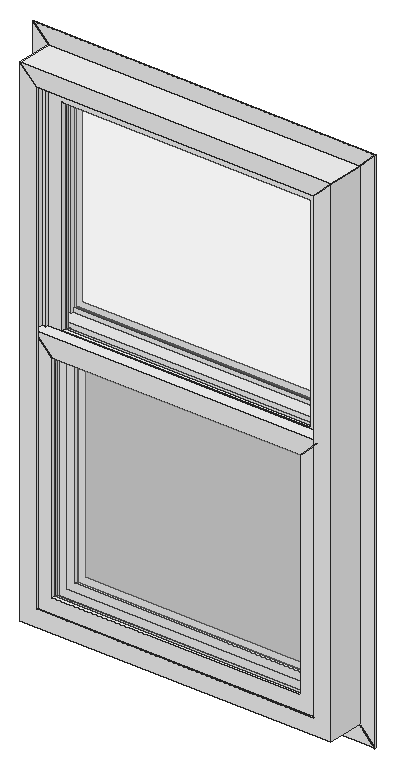
Revit family "Window_Vinyl_Atrium-SilentGuard_7100-SH", category Windows, host Wall, Revit 2026
Family settings
  Host = Wall
  Classification Number = 23.30.20.17.17.11
  Always vertical = Yes
  Cut with Voids When Loaded = No
  Shared = No
  Room Calculation Point = No
Parameters
  ventsashglasswidth [instance] = Width - (0' 2 9/16" * 2)  # 2' - 0 3/8"
  ventsashglassheight [instance] = (Height / 2) - 0' 0 1/2" - 0' 2 1/8" + 0' 0 15/32"  # 1' - 9 19/32"
  fixedsashglasswidth [instance] = Width - (0' 1 25/256" * 2)  # 2' - 3 39/128"
  fixedsashglassheight [instance] = (Height / 2) - 0' 0 1/2" - 0' 2 1/8" + 0' 0 15/32"  # 1' - 9 19/32"
  Screen Material [instance] = Metal - AtriumSG - Window Screen
  OITC [instance] = 0
  Include Screen [instance] = yes
  Grid_Surface Applied [instance] = no
  Grid_Grids Between Glass [instance] = not(Grid_Surface Applied)  # yes
  Water Penetration = "as Specified"
  Warranty Duration (Years) = 0
  VLT [instance] = 0
  URL = "http://www.silent-guard.com/"
  U-Factor [instance] = 0
  Test Data = "http://www.silent-guard.com/learning-center/"
  Standards Conformance = "as Specified"
  SpecWizard = ""
  RO Spacing_Top = 0' - 0 1/4"
  RO Spacing_Sides = 0' - 0 1/4"
  RO Spacing_Bottom = 0' - 0 1/4"
  Nailing Fin Location from Inside Edge of Frame [instance] = if(Frame Design_Finned, 0' 3 7/16", 0' 4 1/2")  # 0' - 3 7/16"
  Miami Dade Conformance = "as Specified"
  Meets Egress = "as Specified"
  Installation-Fabrication = ""
  Structural Test Pressure = "as Specified"
  Specification = ""
  Sound Transmission Class (STC) [instance] = 0
  Send Message = "http://www.arcat.com/users.pl?action=UserEmail&amp;company=Atrium+SilentGuard+Acoustical+Windows+and+Doors&amp;coid=45763&amp;rep=108&amp;fax=214-630-5010&amp;mf=95\">Send Email"
  Sales Information = "http://www.silent-guard.com/contact/"
  SHGC [instance] = 0
  Rough Width = 2' - 6"
  Rough Height = 4' - 0"
  Product Properties = ""
  Product Data = "http://www.arcat.com/arcatcos/cos9545/arc45763.html"
  Model = "as Specified"
  Manufacturer Website = "http://www.silent-guard.com/"
  Manufacturer Phone - Toll Free = "800-421-6292"
  Manufacturer Phone = "214-630-5757"
  Manufacturer Fax = "214-630-5010"
  Manufacturer Address = "9001 Ambassador Row  Dallas, TX 75247"
  Manufacturer = "Atrium Companies, Inc."
  Maintenance Schedule (Months) = 0
  Keynote = "as Specified"
  Installation Phase = ""
  Inset from Exterior Wall [instance] = 0' - 0"
  Height = Rough Height - (RO Spacing_Top + RO Spacing_Bottom)  # 3' - 11 1/2"
  Grid Count_Vent Sash_Vertical [instance] = 0
  Grid Count_Vent Sash_Horizontal [instance] = 0
  Grid Count_Fixed Sash_Vertical [instance] = 0
  Grid Count_Fixed Sash_Horizontal [instance] = 0
  Green Building-LEED = "http://www.arcat.com/green/clients95/leed_data_45763.html"
  Glazing Type [instance] = "as Specified"
  Glazing Tint [instance] = Glass - AtriumSG - Clear
  Glazing Configuration [instance] = "as Specified"
  Glass Thickness = 0' - 1"  # constant formula
  Frame Thickness = 0' - 4 1/2"  # constant formula
  Frame Finish [instance] = Vinyl - AtriumSG - White
  Frame Design_Finned [instance] = yes
  Frame Design_Finless [instance] = no
  Forced Entry Rating = "as Specified"
  Expected Lifespan (Years) = 0
  EWR [instance] = 0
  Drawn By = "Sumex Design, Inc. / Robert S. Weygant, CSI, CDT, SCIP"
  Description = "as Specified"
  Wall Closure = By host
  Width = Rough Width - (RO Spacing_Sides * 2)  # 2' - 5 1/2"
  Copyright = "©Arcat Inc."
  Construction Details = "http://www.silent-guard.com/professional/technical-data/"
  Assembly Code = "B2020100"
  Air Infiltration = "as Specified"
Reference planes (in)
  plane 1 "Center (Front/Back)": y = 0.6426
  plane 2: z = 0
  plane 3 "Center (Left/Right)": x = 0.75
  plane 4 "Left": x = -14.25
  plane 5 "Right": x = 15.75
  plane 6 "RO BOTTOM": z = 23.875
  plane 7 "Top of Frame": z = 71.625
  plane 8 "Center - Elevation": z = 47.75
  plane 9 "Frame L": x = 15.5
  plane 10 "Frame R": x = -14
  plane 11: z = 24.125
  plane 12: y = 4.7051
  plane 13: y = 0.2051
  plane 14 "EXT WALL": y = 3.6426
  plane 15 "RO TOP": z = 71.875
  plane 16: y = 3.6426
  plane 17 "INT WALL": y = -2.3574
  plane 18: y = 2.92241
  plane 19: z = 26.25
  plane 20: y = 4.42241
  plane 21: z = 70.52724
Lines and regions (in)
  Opening 1
    outline origin (-60, -2.3574, 0) x (1, 0, 0) y (0, 0, 1)
      loop
        line (45.75, 71.875) -> (45.75, 23.875) -> (75.75, 23.875) -> (75.75, 71.875) -> (45.75, 71.875)
Text (in)
  text "EXTERIOR" at (-9.91918, 45.39257, 0), in view "Plan View"
  text "INTERIOR" at (-9.91918, -57.25054, 0), in view "Plan View"
  text "Exterior" at (0, 43.65631, 123.19604), in view "Left"
  text "Exterior" at (0, 18.29385, 125.04747), in view "Right"
Dimensions and locks (in)
  equal spacing: plane 4 "Left", plane 3 "Center (Left/Right)", plane 5 "Right"
  "Width": plane 10 "Frame R" to plane 9 "Frame L"
  equal spacing: plane 7 "Top of Frame", plane 8 "Center - Elevation", plane 6 "RO BOTTOM"
  "RO Spacing_Sides": plane 5 "Right" to plane 9 "Frame L"
  "RO Spacing_Sides": plane 4 "Left" to plane 10 "Frame R"
  "Frame Thickness": plane 12 to plane 13
  "Inset from Exterior Wall": plane 16 to plane 14 "EXT WALL"
  "Nailing Fin Location from Inside Edge of Frame": plane 16 to plane 13
  "RO Spacing_Top": plane 7 "Top of Frame" to plane 15 "RO TOP"
  "RO Spacing_Bottom": plane 6 "RO BOTTOM" to plane 11
  "Height": plane 11 to plane 7 "Top of Frame"
  locked: plane 13 to plane 18 at 2.71731
  locked: plane 19 to plane 11 at 2.125
  locked: plane 13 to plane 20 at 4.21731
  locked: plane 21 to plane 7 "Top of Frame" at 1.09776
  aligned and locked: plane 6 "RO BOTTOM" to Opening 1 sketch curve  (x2)
  aligned and locked: plane 5 "Right" to Opening 1 sketch curve
  aligned and locked: plane 4 "Left" to Opening 1 sketch curve
  aligned and locked: level to plane 2
  aligned and locked: plane 1 "Center (Front/Back)" to host wall
  aligned and locked: plane 14 "EXT WALL" to host wall
  aligned and locked: Opening 1 sketch curve to plane 15 "RO TOP"
  aligned and locked: plane 17 "INT WALL" to host wall
  aligned and locked: plane 3 "Center (Left/Right)" to nested 1
  aligned and locked: plane 19 to nested 2
  aligned and locked: nested 2 to plane 18
  aligned: nested 1 to plane 13  (x2)
  aligned and locked: plane 3 "Center (Left/Right)" to nested 2
  aligned: plane 13 to nested 1  (x2)
  aligned and locked: plane 20 to nested 3
  aligned and locked: plane 13 to nested 1
  aligned and locked: plane 3 "Center (Left/Right)" to nested 3
Nested families (in)
  nested 1: "Frame_SH7000" at (0.75, 2.4551, 24.125), interior finish <- "Frame Finish", fin <- "Frame Design_Finned", sash glass thickness <- "Glass Thickness", glass finish <- "Glazing Tint", frame width <- "Width", frame height <- "Height", exterior finish <- "Frame Finish", include screen <- "Include Screen", screen material <- "Screen Material", type "Frame_SH7000"
    with window CL 1' - 11 1/4", screen material Metal - AtriumSG - Window Screen, sash glass thickness 0' - 1", interior finish Vinyl - AtriumSG - White, include screen yes, glass finish Glass - AtriumSG - Clear, frame width 2' - 5 1/2", frame height 3' - 11 1/2", fin yes, exterior finish Vinyl - AtriumSG - White
  nested 2: "Glazing Assembly" at (0.75, 3.42241, 47.84375) x (1, 0, 0) z (0, 0, -1), Glazing <- "Glazing Tint", Vertical Muntin Count <- "Grid Count_Vent Sash_Vertical", Horizontal Muntin Count <- "Grid Count_Vent Sash_Horizontal", Surface Applied <- "Grid_Surface Applied", GBG <- "Grid_Grids Between Glass", muntinside int <- "Frame Finish", Glazing Thickness <- "Glass Thickness", Width <- "ventsashglasswidth", Height <- "ventsashglassheight", muntinside ext <- "Frame Finish", type "Glazing Assembly"
    with verticalmuntinmake 2, muntinside int Vinyl - AtriumSG - White, muntinside ext Vinyl - AtriumSG - White, muntincountverti 2, muntincounthoriz 2, horizontalmuntinmake 2, Width 2' - 0 3/8", Vertical Muntin Count 0, Vert Offset 0' - 8 1/8", Surface Applied no, Single Muntin Vertical no, Single Muntin Horizontal no, Muntin Thickness 0' - 1", Multiple Muntins Vertical no, Multiple Muntins Horizontal no, Horizontal Muntin Count 0, Horiz Offset 0' - 7.19792", Height 1' - 9 19/32", Glazing Thickness 0' - 1", Glazing Glass - AtriumSG - Clear, GBG yes
  nested 3: "Glazing Assembly" at (0.75, 4.92241, 70.52724) x (1, 0, 0) z (0, 0, -1), Glazing <- "Glazing Tint", Vertical Muntin Count <- "Grid Count_Fixed Sash_Vertical", Horizontal Muntin Count <- "Grid Count_Fixed Sash_Horizontal", Surface Applied <- "Grid_Surface Applied", GBG <- "Grid_Grids Between Glass", muntinside int <- "Frame Finish", Glazing Thickness <- "Glass Thickness", Width <- "fixedsashglasswidth", Height <- "fixedsashglassheight", muntinside ext <- "Frame Finish", type "Glazing Assembly"
    with verticalmuntinmake 2, muntinside int Vinyl - AtriumSG - White, muntinside ext Vinyl - AtriumSG - White, muntincountverti 2, muntincounthoriz 2, horizontalmuntinmake 2, Width 2' - 3 39/128", Vertical Muntin Count 0, Vert Offset 0' - 9 13/128", Surface Applied no, Single Muntin Vertical no, Single Muntin Horizontal no, Muntin Thickness 0' - 1", Multiple Muntins Vertical no, Multiple Muntins Horizontal no, Horizontal Muntin Count 0, Horiz Offset 0' - 7.19792", Height 1' - 9 19/32", Glazing Thickness 0' - 1", Glazing Glass - AtriumSG - Clear, GBG yes
Definition of nested family "Frame_SH7000"
  Parameters
    window CL [instance] = (frame height / 2) - (0' 1" / 2)  # 2' - 5 1/2"
    sash glass thickness [instance] = 0' - 1"
    screen material [instance] = none
    interior finish [instance] = none
    include screen [instance] = yes
    glass finish [instance] = none
    frame width [instance] = 2' - 0"
    frame height [instance] = 5' - 0"
    frame depth = 0' - 4 1/2"
    fin [instance] = no
    exterior finish [instance] = none
    Default Elevation = 0' - 0"
    Assembly Code = ""
  Reference planes (in)
    plane 1 "Center (Front/Back)": y = 0
    plane 2: z = 0
    plane 3 "Center (Left/Right)": x = 0
    plane 4: x = -12
    plane 5: x = 12
    plane 6: z = 60
    plane 7: y = -2.25
    plane 8: y = 2.25
    plane 9: z = 30.5
    plane 10: x = -10.8125
    plane 11: x = 10.8125
  Forms (in)
    Sweep 1, solid, material <- "exterior finish"
      path origin (0, 0, 0) x (1, 0, 0) y (0, 0, 1)
        loop
          line (12, 60) -> (12, 0) -> (-12, 0) -> (-12, 60)
      profile origin (-12, 0, 30) x (-1, 0, 0) y (0, -1, 0)
        loop
          line (0, 2.25) -> (-1.5625, 2.25) -> (-1.5625, 2.125) -> (-1.1875, 2.125) -> (-1.1875, 1.125) -> (-1.5625, 1.125) -> (-1.5625, 0.91357) -> (-1.1875, 0.91357) -> (-1.1875, -0.17639) -> (-1.5625, -0.17639) -> (-1.5625, -0.40625) -> (-1.1875, -0.40625) -> (-1.1875, -1.63869) -> (-1.74878, -1.63869) -> (-1.74878, -1.96731) -> (-1.125, -1.96731) -> (-1.125, -3.09375) -> (-0.64345, -3.09375) -> (-0.25, -2.25) -> (0, -2.25) -> (0, 2.25)
    Extrusion 2, solid, material <- "exterior finish", visible <- "fin"
      sketch origin (0, -2.25, 69.25752) x (0, 0, 1) y (1, 0, 0)
        loop
          line (-9.25752, 12) -> (-7.75752, 13.5) -> (-70.75752, 13.5) -> (-69.25752, 12) -> (-9.25752, 12)
        loop
          line (-69.25752, -12) -> (-70.75752, -13.5) -> (-7.75752, -13.5) -> (-9.25752, -12) -> (-69.25752, -12)
      from 3.4375 to 3.5
    Extrusion 3, solid, material <- "exterior finish", visible <- "fin"
      sketch origin (0, -2.25, 69.25752) x (0, 0, 1) y (1, 0, 0)
        loop
          line (-7.75752, -13.5) -> (-7.75752, 13.5) -> (-9.25752, 12) -> (-9.25752, -12) -> (-7.75752, -13.5)
        loop
          line (-70.75752, -13.5) -> (-69.25752, -12) -> (-69.25752, 12) -> (-70.75752, 13.5) -> (-70.75752, -13.5)
      from 3.4375 to 3.5
    Sweep 4, solid, material <- "exterior finish"
      path origin (0, 0, 0) x (1, 0, 0) y (0, 0, 1)
        loop
          line (-12, 60) -> (12, 60)
      profile origin (0, 0, 60) x (0, 0, 1) y (0, -1, 0)
        loop
          line (0, 2.25) -> (-1.5625, 2.25) -> (-1.5625, 2.125) -> (-1.1875, 2.125) -> (-1.1875, 1.125) -> (-1.5625, 1.125) -> (-1.5625, 0.91357) -> (-1.1875, 0.91357) -> (-1.1875, -0.17639) -> (-1.5625, -0.17639) -> (-1.5625, -0.40625) -> (-1.1875, -0.40625) -> (-1.1875, -1.63869) -> (-1.74878, -1.63869) -> (-1.74878, -1.96731) -> (-1.125, -1.96731) -> (-1.125, -3.09375) -> (-0.64345, -3.09375) -> (-0.25, -2.25) -> (0, -2.25) -> (0, 2.25)
    Extrusion 5, void
      sketch origin (0, 0, 0) x (1, 0, 0) y (0, 0, 1)
        loop
          line (-12, 60) -> (-7, 55) -> (-7, 60) -> (-12, 60)
        loop
          line (12, 60) -> (7, 60) -> (7, 55) -> (12, 60)
      from -4 to 2.25
    Extrusion 6, void
      sketch origin (0, 0, 0) x (1, 0, 0) y (0, 0, 1)
        loop
          line (-12, 60) -> (-12, 55) -> (-7, 55) -> (-12, 60)
        loop
          line (12, 60) -> (7, 55) -> (12, 55) -> (12, 60)
      from -4 to 2.25
    Extrusion 7, solid, material <- "glass finish"
      sketch origin (0, -2.25, 69.25752) x (0, 0, 1) y (1, 0, 0)
        loop
          line (-39.03877, -9.6875) -> (-39.03877, 9.6875) -> (-67.38252, 9.6875) -> (-67.38252, -9.6875) -> (-39.03877, -9.6875)
      from 0.38782 to 0.63782
    Extrusion 8, solid, material <- "exterior finish"
      sketch origin (0, 0, 0) x (0, 1, 0) y (0, 0, 1)
        loop
          line (3.09375, 31.09375) -> (2.96731, 31.09375) -> (2.96731, 31.05849) -> (1.96731, 31.05849) -> (1.96731, 31.71875) -> (1.84231, 31.71875) -> (1.84231, 31.09375) -> (1.59231, 31.09375) -> (1.59231, 30) -> (1.65481, 30) -> (1.65481, 29.78125) -> (1.84375, 29.78125) -> (1.84375, 29.46875) -> (2.53125, 29.46875) -> (2.53125, 29.78125) -> (2.96875, 29.78125)
          arc (2.96875, 29.78125) -> (3.05714, 29.81786) -> (3.09375, 29.90625) r 0.125
          line (3.09375, 29.90625) -> (3.09375, 31.09375)
      from -12 to 12
    Extrusion 9, solid, material <- "interior finish"
      sketch origin (0, 0, 0) x (0, 1, 0) y (0, 0, 1)
        loop
          line (1.84231, 31.34375) -> (0.40625, 31.34375) -> (0.40625, 30.09375) -> (0.28115, 30.09375) -> (0.28115, 29.34375) -> (0.46731, 29.34375) -> (0.46731, 29.96875) -> (1.46731, 29.96875) -> (1.46731, 29.34375)
          arc (1.46731, 29.34375) -> (1.56544, 29.66509) -> (1.59231, 30) r 1.55612
          line (1.59231, 30) -> (1.59231, 31.09375) -> (1.84231, 31.09375) -> (1.84231, 31.34375)
        loop
          line (-0.91357, 31.34375) -> (-2.125, 31.34375) -> (-2.125, 29.59375) -> (-1.86218, 29.59375) -> (-1.86218, 30.21875) -> (-1.61218, 30.21875) -> (-1.61218, 29.59375)
          arc (-1.61218, 29.59375) -> (-1.32288, 29.78934) -> (-1.125, 30.07707) r 0.93953
          line (-1.125, 30.07707) -> (-1.125, 31.22644) -> (-0.91357, 31.22644) -> (-0.91357, 31.34375)
      from -10.8125 to 10.8125
    Extrusion 10, void
      sketch origin (0, 0, 0) x (1, 0, 0) y (0, 1, 0)
        loop
          line (-12, 3.09375) -> (-12, 1.25) -> (-10.25122, 1.25) -> (-10.25122, 1.96731) -> (-10.90224, 1.96731) -> (-10.90224, 3.09375) -> (-12, 3.09375)
        loop
          line (12, 3.09375) -> (10.90224, 3.09375) -> (10.90224, 1.96731) -> (10.25122, 1.96731) -> (10.25122, 1.25) -> (12, 1.25) -> (12, 3.09375)
      from 0 to 60
    Sweep 11, solid, material <- "interior finish"
      path origin (0, 0, 0) x (1, 0, 0) y (0, 0, 1)
        loop
          line (-10.90224, 58.90224) -> (-10.90224, 31.09375) -> (10.90224, 31.09375) -> (10.90224, 58.90224) -> (-10.90224, 58.90224)
      profile origin (0, 0, 58.90224) x (0, 0, 1) y (0, -1, 0)
        loop
          line (-0.02724, -2.96731) -> (-0.625, -2.96731)
          arc (-0.625, -2.96731) -> (-0.33273, -3.06179) -> (-0.02724, -3.09375) r 1.47621
          line (-0.02724, -3.09375) -> (-0.02724, -2.96731)
    Sweep 12, solid, material <- "interior finish"
      path origin (0, 0, 0) x (1, 0, 0) y (0, 0, 1)
        loop
          line (-10.8125, 31.34375) -> (-10.8125, 1.1875) -> (10.8125, 1.1875) -> (10.8125, 31.34375)
      profile origin (-10.8125, 0, 16.26563) x (0, -1, 0) y (1, 0, 0)
        loop
          line (1.125, 0) -> (2.125, 0) -> (2.125, 1.75) -> (1.86218, 1.75) -> (1.86218, 1.125) -> (1.61218, 1.125) -> (1.61218, 1.75)
          arc (1.61218, 1.75) -> (1.32288, 1.55441) -> (1.125, 1.26668) r 0.93953
          line (1.125, 1.26668) -> (1.125, 0)
        loop
          line (-1.59231, 0) -> (-0.40625, 0) -> (-0.40625, 1.25) -> (-0.28115, 1.25) -> (-0.28115, 2) -> (-0.46731, 2) -> (-0.46731, 1.375) -> (-1.46731, 1.375) -> (-1.46731, 2)
          arc (-1.46731, 2) -> (-1.56544, 1.67866) -> (-1.59231, 1.34375) r 1.55612
          line (-1.59231, 1.34375) -> (-1.59231, 0)
    Extrusion 13, void
      sketch origin (0, 0, 0) x (1, 0, 0) y (0, 0, 1)
        loop
          line (-10.8125, 31.34375) -> (-10.8125, 28.94805) -> (-8.4168, 28.94805) -> (-10.8125, 31.34375)
        loop
          line (10.8125, 31.34375) -> (8.4168, 28.94805) -> (10.8125, 28.94805) -> (10.8125, 31.34375)
      from -1.84231 to 2.25
    Extrusion 14, void
      sketch origin (0, 0, 0) x (1, 0, 0) y (0, 0, 1)
        loop
          line (10.8125, 31.34375) -> (8.5144, 31.34375) -> (8.5144, 29.04565) -> (10.8125, 31.34375)
        loop
          line (-10.8125, 31.34375) -> (-8.5144, 29.04565) -> (-8.5144, 31.34375) -> (-10.8125, 31.34375)
      from -1.84231 to 2.25
    Sweep 15, solid, material <- "interior finish"
      path origin (0, 0, 0) x (1, 0, 0) y (0, 0, 1)
        loop
          line (-10.8125, 29.59375) -> (-10.8125, 58.8125) -> (10.8125, 58.8125) -> (10.8125, 29.59375)
      profile origin (-10.8125, 0, 44.20313) x (-1, 0, 0) y (0, -1, 0)
        loop
          line (0, -0.17639) -> (0, 0.91357) -> (-1.75, 0.91357) -> (-1.75, 0.54968) -> (-1.125, 0.54968) -> (-1.125, 0.31191) -> (-1.75, 0.31191)
          arc (-1.75, 0.31191) -> (-1.50399, -0.01735) -> (-1.125, -0.17639) r 0.78205
          line (-1.125, -0.17639) -> (0, -0.17639)
    Extrusion 16, solid, material <- "interior finish"
      sketch origin (0, 0, 0) x (0, 1, 0) y (0, 0, 1)
        loop
          line (0.17639, 29.59375) -> (0.17639, 30.71875)
          arc (0.17639, 30.71875) -> (0.01735, 31.09774) -> (-0.31191, 31.34375) r 0.78205
          line (-0.31191, 31.34375) -> (-0.31191, 30.71875) -> (-0.54968, 30.71875) -> (-0.54968, 31.34375) -> (-0.91357, 31.34375) -> (-0.91357, 31.22644) -> (-1.125, 31.22644) -> (-1.125, 30.22644) -> (-1.0625, 30.22644) -> (-1.0625, 29.59375) -> (0.17639, 29.59375)
      from -10.8125 to 10.8125
    Extrusion 17, solid, material <- "glass finish"
      sketch origin (0, -2.25, 69.25752) x (0, 0, 1) y (1, 0, 0)
        loop
          line (-11.57002, -9.6875) -> (-11.57002, 9.6875) -> (-38.53877, 9.6875) -> (-38.53877, -9.6875) -> (-11.57002, -9.6875)
      from 1.70032 to 1.93809
    Extrusion 18, solid, material <- "interior finish", visible <- "include screen"
      sketch origin (0, 0, 0) x (1, 0, 0) y (0, 0, 1)
        loop
          line (10.875, 29.46875) -> (-10.875, 29.46875) -> (-10.875, 1.125) -> (10.875, 1.125) -> (10.875, 29.46875)
        loop
          line (10.125, 28.71875) -> (-10.125, 28.71875) -> (-10.125, 1.875) -> (10.125, 1.875) -> (10.125, 28.71875)
      from -2.38729 to -1.96731
    Extrusion 19, solid, material <- "screen material", visible <- "include screen"
      sketch origin (0, 0, 0) x (1, 0, 0) y (0, 0, 1)
        loop
          line (10.15224, 28.71875) -> (-10.15224, 28.71875) -> (-10.15224, 1.84776) -> (10.15224, 1.84776) -> (10.15224, 28.71875)
      from -2.35802 to -2.30933
  Cuts and joins
    Extrusion 5 cuts Sweep 1
    Extrusion 6 cuts Sweep 4
    Extrusion 13 cuts Extrusion 9
    Extrusion 14 cuts Sweep 12
    joined: Sweep 15, Extrusion 16
    Extrusion 10 cuts Extrusion 8
  Dimensions and locks (in)
    equal spacing: plane 4, plane 3 "Center (Left/Right)", plane 5
    "frame width": plane 4 to plane 5
    "frame height": plane 6 to level
    equal spacing: plane 7, plane 1 "Center (Front/Back)", plane 8
    "frame depth": plane 7 to plane 8
    locked: Extrusion 2 sketch curve to plane 5 at 1.5
    locked: plane 4 to Extrusion 2 sketch curve at 1.5
    locked: Extrusion 2 sketch curve to plane 6 at 1.5  (x2)
    locked: plane 4 to Extrusion 3 sketch curve at 1.5  (x2)
    locked: Extrusion 3 sketch curve to plane 5 at 1.5  (x2)
    locked: Extrusion 3 sketch curve to plane 6 at 1.5
    locked: Extrusion 5 sketch curve to plane 4 at 5
    locked: plane 6 to Extrusion 5 sketch curve at 5  (x2)
    locked: plane 5 to Extrusion 5 sketch curve at 5
    locked: plane 6 to Extrusion 6 sketch curve at 5  (x2)
    locked: plane 5 to Extrusion 6 sketch curve at 5
    locked: Extrusion 6 sketch curve to plane 4 at 5
    locked: Extrusion 7 sketch curve to plane 4 at 2.3125
    locked: plane 5 to Extrusion 7 sketch curve at 2.3125
    locked: Extrusion 7 sketch curve to level at 1.875
    plane 9 to Extrusion 8 sketch curve to Extrusion 8 sketch curve to Extrusion 8 sketch curve = 0' - 0 1/2" locked, 0' - 0 7/32" locked, 0' - 0 5/16" locked
    plane 9 to Extrusion 8 sketch curve to Extrusion 8 sketch curve = 0' - 0 19/32" locked, 0' - 0 1/8" locked
    Extrusion 8 sketch curve to Extrusion 8 sketch curve to plane 9 = 0' - 0 5/8" locked, 0' - 0 19/32" locked
    Extrusion 9 sketch curve to Extrusion 9 sketch curve to plane 9 = 0' - 0 1/4" locked, 0' - 0 19/32" locked
    plane 9 to Extrusion 9 sketch curve to Extrusion 9 sketch curve = 0' - 0 13/32" locked, 0' - 0 3/4" locked
    plane 9 to Extrusion 9 sketch curve to Extrusion 9 sketch curve = 0' - 0 17/32" locked, 0' - 0 5/8" locked
    locked: plane 11 to plane 5 at 1.1875
    locked: plane 4 to plane 10 at 1.1875
    locked: plane 6 to Sweep 11 sketch curve at 1.09776
    locked: Sweep 11 sketch curve to plane 9 at 0.59375
    locked: plane 5 to Sweep 11 sketch curve at 1.09776
    locked: Sweep 11 sketch curve to plane 4 at 1.09776
    locked: Sweep 12 sketch curve to plane 9 at 0.84375  (x2)
    locked: plane 9 to Extrusion 7 sketch curve at 0.28125
    Extrusion 13 sketch curve to plane 9 to Extrusion 13 sketch curve = 0' - 0 27/32" locked, 0' - 1.55195" locked  (x2)
    locked: plane 11 to Extrusion 13 sketch curve at 2.3957
    locked: Extrusion 13 sketch curve to plane 10 at 2.3957
    Extrusion 14 sketch curve to plane 10 to Extrusion 14 sketch curve = 0' - 2.2981" locked, 0' - 0" locked
    plane 11 to Extrusion 14 sketch curve to Extrusion 14 sketch curve = 0' - 0" locked, 0' - 2.2981" locked
    Extrusion 14 sketch curve to plane 9 to Extrusion 14 sketch curve = 0' - 0 27/32" locked, 0' - 1.45435" locked  (x2)
    locked: plane 6 to Sweep 15 sketch curve at 1.1875
    locked: plane 9 to Sweep 15 sketch curve at 0.90625  (x2)
    plane 9 to Extrusion 16 sketch curve to Extrusion 16 sketch curve to Extrusion 16 sketch curve = 0' - 0 7/32" locked, 0' - 0.50769" locked, 0' - 0.11731" locked
    plane 9 to Extrusion 16 sketch curve to Extrusion 16 sketch curve = 0' - 0.27356" locked, 0' - 0.63269" locked
    Extrusion 16 sketch curve to Extrusion 16 sketch curve to plane 9 = 0' - 0 5/8" locked, 0' - 0 7/32" locked
    locked: Extrusion 17 sketch curve to plane 4 at 2.3125
    locked: plane 5 to Extrusion 17 sketch curve at 2.3125
    locked: plane 6 to Extrusion 17 sketch curve at 2.3125
    locked: Extrusion 17 sketch curve to plane 9 at 0.21875
    locked: plane 9 to Extrusion 18 sketch curve at 1.03125
    locked: Extrusion 18 sketch curve to level at 1.125
    locked: Extrusion 18 sketch curve to Extrusion 18 sketch curve at 0.75  (x4)
    locked: plane 5 to Extrusion 18 sketch curve at 1.125
    locked: Extrusion 18 sketch curve to plane 4 at 1.125
    locked: plane 5 to Extrusion 19 sketch curve at 1.84776
    locked: Extrusion 19 sketch curve to level at 1.84776
    locked: Extrusion 19 sketch curve to plane 4 at 1.84776
    locked: plane 9 to Extrusion 19 sketch curve at 1.78125
    locked: plane 4 to Extrusion 10 sketch curve at 1.09776
    Extrusion 10 sketch curve to Extrusion 10 sketch curve to plane 5 = 0' - 0.65102" locked, 0' - 1.09776" locked
    locked: plane 4 to Extrusion 10 sketch curve at 1.74878
    "window CL": plane 6 to plane 9
    locked: Extrusion 8 sketch curve to plane 9 at 0.55849
    locked: Extrusion 8 sketch curve to plane 9 at 0.59375
    locked: level to Extrusion 3 sketch curve at 1.5
    locked: level to Extrusion 2 sketch curve at 1.5  (x2)
    Sweep 12 sketch curve to level = 0' - 1 3/16"
    aligned and locked: plane 2 to level
    aligned and locked: plane 6 to Sweep 1 sketch curve  (x2)
    aligned and locked: plane 4 to Sweep 1 sketch curve
    aligned and locked: Extrusion 2 sketch curve to plane 5
    aligned and locked: plane 4 to Extrusion 2 sketch curve
    aligned and locked: plane 6 to Extrusion 2 sketch curve  (x2)
    aligned and locked: plane 5 to Extrusion 3 sketch curve
    aligned and locked: plane 6 to Extrusion 3 sketch curve
    aligned and locked: plane 4 to Extrusion 3 sketch curve
    aligned and locked: Sweep 4 sketch curve to plane 6
    aligned and locked: plane 5 to Sweep 4 sketch curve
    aligned and locked: plane 4 to Sweep 4 sketch curve
    aligned and locked: Extrusion 5 sketch curve to plane 6
    aligned and locked: plane 6 to Extrusion 5 sketch curve
    aligned: plane 8 to Extrusion 5
    aligned and locked: Extrusion 5 to plane 7
    aligned and locked: Extrusion 6 sketch curve to plane 4
    aligned and locked: Extrusion 6 sketch curve to plane 5
    aligned and locked: Extrusion 6 to plane 7
    aligned and locked: plane 5 to Sweep 1 sketch curve
    aligned and locked: Sweep 1 sketch curve to level
    aligned and locked: Extrusion 8 to plane 4
    aligned and locked: plane 5 to Extrusion 8
    aligned and locked: plane 6 to Extrusion 10
    aligned and locked: plane 11 to Extrusion 9
    aligned and locked: Extrusion 9 to plane 10
    aligned and locked: plane 11 to Sweep 12 sketch curve
    aligned and locked: Sweep 12 sketch curve to plane 10
    aligned and locked: plane 10 to Extrusion 13 sketch curve
    aligned and locked: plane 11 to Extrusion 13 sketch curve
    aligned and locked: Extrusion 13 to plane 7
    aligned and locked: Extrusion 14 to plane 7
    aligned and locked: Extrusion 16 to plane 10
    aligned and locked: plane 11 to Extrusion 16
    aligned and locked: Sweep 15 sketch curve to plane 11
  Automatic sketch dimensions
    Extrusion 5 sketch curve to plane 4 = 0' - 0"
    Extrusion 5 sketch curve to plane 5 = 0' - 0"
    Extrusion 6 sketch curve to plane 6 = 0' - 0"  (x2)
    plane 7 to Extrusion 9 sketch curve = 0' - 0 1/8"
    Extrusion 9 sketch curve to plane 9 = 0' - 0.04368"
    plane 7 to Extrusion 9 sketch curve = 0' - 0.26542"
    Extrusion 9 sketch curve to Extrusion 9 sketch curve = 0' - 0.26282"
    Extrusion 9 sketch curve to Extrusion 9 sketch curve = 0' - 0 1/4"  (x2)
    Extrusion 9 sketch curve to Extrusion 9 sketch curve = 0' - 1"
    Extrusion 9 sketch curve to Extrusion 9 sketch curve = 0' - 0.21143"
    Extrusion 9 sketch curve to plane 1 "Center (Front/Back)" = 0' - 0.0368"
    Extrusion 9 sketch curve to Extrusion 9 sketch curve = 0' - 0.24435"
    Extrusion 9 sketch curve to Extrusion 9 sketch curve = 0' - 0.1251"
    Extrusion 9 sketch curve to Extrusion 9 sketch curve = 0' - 0.18616"
    Extrusion 9 sketch curve to plane 8 = 0' - 0.78269"
    Extrusion 9 sketch curve to Extrusion 9 sketch curve = 0' - 0 1/8"
    Extrusion 9 sketch curve to Extrusion 9 sketch curve = 0' - 0.86257"
    Extrusion 9 sketch curve to Extrusion 9 sketch curve = 0' - 0"
    Extrusion 9 sketch curve to Extrusion 9 sketch curve = 0' - 0.13749"
    Extrusion 9 sketch curve to plane 9 = 0' - 0 9/32"
    plane 9 to Extrusion 9 sketch curve = 0' - 0.72644"
    Extrusion 9 sketch curve to Extrusion 9 sketch curve = 0' - 0.11731"
    Sweep 12 sketch curve to profile plane = 0' - 0"  (x2)
    Sweep 12 sketch curve to plane 1 "Center (Front/Back)" = 0' - 1.59231"
    Sweep 12 sketch curve to Sweep 12 sketch curve = 0' - 0 1/8"  (x2)
    Sweep 12 sketch curve to plane 1 "Center (Front/Back)" = 0' - 0.46731"
    Sweep 12 sketch curve to plane 1 "Center (Front/Back)" = 0' - 0 13/32"
    Sweep 12 sketch curve to Sweep 12 sketch curve = 0' - 0.1251"
    Sweep 12 sketch curve to plane 1 "Center (Front/Back)" = 0' - 0.0368"
    plane 1 "Center (Front/Back)" to Sweep 12 sketch curve = 0' - 1 1/8"
    Sweep 12 sketch curve to Sweep 12 sketch curve = 0' - 0.48718"
    Sweep 12 sketch curve to Sweep 12 sketch curve = 0' - 0 1/4"
    Sweep 12 sketch curve to Sweep 12 sketch curve = 0' - 0.1224"
    Sweep 12 sketch curve to Sweep 12 sketch curve = 0' - 0.14042"
    Sweep 12 sketch curve to profile plane = 0' - 0.88743"
    Sweep 12 sketch curve to Sweep 12 sketch curve = 0' - 0.23757"
    Sweep 12 sketch curve to Sweep 12 sketch curve = 0' - 1 1/4"
    Sweep 12 sketch curve to Sweep 12 sketch curve = 0' - 0.14168"
    Sweep 12 sketch curve to Sweep 12 sketch curve = 0' - 0 3/32"
    Sweep 12 sketch curve to Sweep 12 sketch curve = 0' - 0.13749"
    Sweep 12 sketch curve to Sweep 12 sketch curve = 0' - 0"
    Sweep 12 sketch curve to Sweep 12 sketch curve = 0' - 0 5/8"
    plane 1 "Center (Front/Back)" to Extrusion 16 sketch curve = 0' - 1 1/8"
    Extrusion 16 sketch curve to Extrusion 16 sketch curve = 0' - 0 1/16"
    Extrusion 16 sketch curve to Extrusion 16 sketch curve = 0' - 0.21143"
    plane 9 to Extrusion 16 sketch curve = 0' - 0.11626"
    plane 1 "Center (Front/Back)" to Extrusion 16 sketch curve = 0' - 0.59892"
    Extrusion 16 sketch curve to Extrusion 16 sketch curve = 0' - 0.36389"
    Extrusion 16 sketch curve to Extrusion 16 sketch curve = 0' - 0.23776"
    Sweep 15 sketch curve to profile plane = 0' - 0"
    profile plane to Sweep 15 sketch curve = 0' - 1.02251"
    Sweep 15 sketch curve to plane 1 "Center (Front/Back)" = 0' - 0.17639"
    Sweep 15 sketch curve to Sweep 15 sketch curve = 0' - 0.10249"  (x2)
    Sweep 15 sketch curve to Sweep 15 sketch curve = 0' - 0 5/8"
    Sweep 15 sketch curve to Sweep 15 sketch curve = 0' - 0"
    plane 1 "Center (Front/Back)" to Sweep 15 sketch curve = 0' - 0.31191"
    Sweep 15 sketch curve to Sweep 15 sketch curve = 0' - 0.04924"
    plane 1 "Center (Front/Back)" to Sweep 15 sketch curve = 0' - 0.91357"
    Sweep 15 sketch curve to plane 10 = 0' - 0"
    Extrusion 8 sketch curve to plane 8 = 0' - 0.65769"
    Extrusion 8 sketch curve to Extrusion 8 sketch curve = 0' - 0 1/16"
    Extrusion 8 sketch curve to Extrusion 8 sketch curve = 0' - 0 1/4"
    Extrusion 8 sketch curve to Extrusion 8 sketch curve = 0' - 0.18894"
    Extrusion 8 sketch curve to Extrusion 8 sketch curve = 0' - 0 1/8"
    plane 8 to Extrusion 8 sketch curve = 0' - 0 9/32"
    Extrusion 8 sketch curve to Extrusion 8 sketch curve = 0' - 0 7/16"
    Extrusion 8 sketch curve to Extrusion 8 sketch curve = 0' - 0.12644"
    Extrusion 3 sketch curve to plane 5 = 0' - 0"
    Extrusion 3 sketch curve to plane 4 = 0' - 0"
    level to Extrusion 3 sketch curve = 0' - 0"
    Extrusion 2 sketch curve to level = 0' - 0"  (x2)
    Extrusion 10 sketch curve to plane 4 = 0' - 0"
    Extrusion 10 sketch curve to plane 5 = 0' - 0"
    Extrusion 10 sketch curve to plane 8 = 0' - 1"  (x2)
    Extrusion 10 sketch curve to plane 8 = 0' - 0.28269"  (x2)
    plane 8 to Extrusion 10 sketch curve = 0' - 0 27/32"  (x2)
    Sweep 1 sketch curve to profile plane = 0' - 0"
    Sweep 1 sketch curve to Sweep 1 sketch curve = 0' - 0 1/4"
    profile plane to Sweep 1 sketch curve = 0' - 0.64345"
    Sweep 1 sketch curve to Sweep 1 sketch curve = 0' - 0.48155"
    profile plane to Sweep 1 sketch curve = 0' - 1 3/16"
    Sweep 1 sketch curve to Sweep 1 sketch curve = 0' - 0"
    Sweep 1 sketch curve to Sweep 1 sketch curve = 0' - 0 3/8"  (x4)
    Sweep 1 sketch curve to Sweep 1 sketch curve = 0' - 0.56128"
    Sweep 1 sketch curve to plane 1 "Center (Front/Back)" = 0' - 3 3/32"
    Sweep 1 sketch curve to Sweep 1 sketch curve = 0' - 1.12644"
    Sweep 1 sketch curve to plane 1 "Center (Front/Back)" = 0' - 0 13/32"
    Sweep 1 sketch curve to plane 1 "Center (Front/Back)" = 0' - 0.17639"
    plane 1 "Center (Front/Back)" to Sweep 1 sketch curve = 0' - 0.91357"
    Sweep 1 sketch curve to Sweep 1 sketch curve = 0' - 0.21143"
    Sweep 1 sketch curve to Sweep 1 sketch curve = 0' - 1"
    Sweep 1 sketch curve to Sweep 1 sketch curve = 0' - 0 1/8"
    Sweep 1 sketch curve to Sweep 1 sketch curve = 0' - 0 27/32"
    Sweep 1 sketch curve to Sweep 1 sketch curve = 0' - 0.32862"
    profile plane to Sweep 11 sketch curve = 0' - 0 5/8"
    profile plane to Sweep 11 sketch curve = 0' - 0.02724"
    Sweep 11 sketch curve to plane 1 "Center (Front/Back)" = 0' - 3 3/32"
    Sweep 11 sketch curve to Sweep 11 sketch curve = 0' - 0.12644"
    profile plane to Sweep 4 sketch curve = 0' - 0"
    profile plane to Sweep 4 sketch curve = 0' - 0 1/4"
    profile plane to Sweep 4 sketch curve = 0' - 0.64345"
    Sweep 4 sketch curve to Sweep 4 sketch curve = 0' - 0.48155"
    Sweep 4 sketch curve to Sweep 4 sketch curve = 0' - 0 1/16"
    profile plane to Sweep 4 sketch curve = 0' - 1 3/16"
    Sweep 4 sketch curve to Sweep 4 sketch curve = 0' - 0"
    Sweep 4 sketch curve to Sweep 4 sketch curve = 0' - 0 3/8"  (x3)
    Sweep 4 sketch curve to Sweep 4 sketch curve = 0' - 0.56128"
    Sweep 4 sketch curve to plane 1 "Center (Front/Back)" = 0' - 3 3/32"
    Sweep 4 sketch curve to Sweep 4 sketch curve = 0' - 0 27/32"
    Sweep 4 sketch curve to Sweep 4 sketch curve = 0' - 1.12644"
    Sweep 4 sketch curve to Sweep 4 sketch curve = 0' - 0.32862"
    Sweep 4 sketch curve to plane 1 "Center (Front/Back)" = 0' - 0 13/32"
    Sweep 4 sketch curve to plane 1 "Center (Front/Back)" = 0' - 0.17639"
    plane 1 "Center (Front/Back)" to Sweep 4 sketch curve = 0' - 0.91357"
    Sweep 4 sketch curve to Sweep 4 sketch curve = 0' - 0.21143"
    Sweep 4 sketch curve to Sweep 4 sketch curve = 0' - 1"
    Sweep 4 sketch curve to Sweep 4 sketch curve = 0' - 0 1/8"
Definition of nested family "Glazing Assembly"
  Parameters
    verticalmuntinmake [instance] = muntincountverti  # 2
    muntinside int [instance] = none
    muntincounthoriz [instance] = if(Horizontal Muntin Count < 2, 2, Horizontal Muntin Count)  # 2
    muntincountverti [instance] = if(Vertical Muntin Count < 2, 2, Vertical Muntin Count)  # 2
    horizontalmuntinmake [instance] = muntincounthoriz  # 2
    Width [instance] = 2' - 0"
    Vertical Muntin Count [instance] = 2
    Vert Offset [instance] = Width / (verticalmuntinmake + 1)  # 0' - 8"
    Surface Applied [instance] = no
    GBG [instance] = yes
    Single Muntin Vertical [instance] = Vertical Muntin Count = 1  # no
    Single Muntin Horizontal [instance] = Horizontal Muntin Count = 1  # no
    Muntin Thickness [instance] = 0' - 0 1/2"
    muntinside ext [instance] = none
    Multiple Muntins Vertical [instance] = Vertical Muntin Count > 1  # yes
    Multiple Muntins Horizontal [instance] = Horizontal Muntin Count > 1  # yes
    Horizontal Muntin Count [instance] = 2
    Horiz Offset [instance] = Height / (horizontalmuntinmake + 1)  # 0' - 8"
    Height [instance] = 2' - 0"
    Glazing Thickness [instance] = 0' - 1"
    Glazing [instance] = none
    Default Elevation = 4' - 0"
    Assembly Code = ""
  Reference planes (in)
    plane 1 "Center (Front/Back)": y = 0
    plane 2: z = 0
    plane 3 "Center (Left/Right)": x = 0
    plane 4: z = 24
    plane 5: x = 12
    plane 6: x = -12
    plane 7: y = -0.875
    plane 8: y = 0.875
    plane 9: y = 0.5
    plane 10: y = -0.5
    plane 11: z = 12
    plane 12: x = -4
    plane 13: x = 4
    plane 14: z = 16
    plane 15: z = 8
    plane 16: z = 20.90323
    plane 17: z = 3.09677
    plane 18: x = -8.90323
    plane 19: x = 8.90323
    plane 20: y = 0.625
    plane 21: y = -0.625
  Forms (in)
    Extrusion 1, solid, material <- "Glazing"
      sketch origin (0, 0, 0) x (1, 0, 0) y (0, 0, 1)
        loop
          line (-12, 24) -> (-12, 0) -> (12, 0) -> (12, 24) -> (-12, 24)
      from -0.5 to 0.5
  Dimensions and locks (in)
    equal spacing: plane 5, plane 3 "Center (Left/Right)", plane 6
    "Width": plane 5 to plane 6
    "Height": plane 4 to level
    equal spacing: plane 7, plane 1 "Center (Front/Back)", plane 8
    plane 7 to plane 8 = 0' - 1 3/4"
    equal spacing: plane 10, plane 1 "Center (Front/Back)", plane 9
    "Glazing Thickness": plane 10 to plane 9
    equal spacing: plane 4, plane 11, level
    "Vert Offset": plane 12 to plane 6
    "Vert Offset": plane 5 to plane 13
    group 1 to group 2 = 0' - 8"
    group 1 to group 2 = 0' - 0"  (x2)
    "Horiz Offset": plane 15 to plane 2
    group 3 to group 4 = 0' - 0"  (x2)
    group 4 to group 3 = 0' - 8"
    "Horiz Offset": plane 4 to plane 14
    plane 4 to plane 16 = 0' - 3.09677"
    plane 17 to level = 0' - 3.09677"
    plane 18 to plane 6 = 0' - 3.09677"
    plane 5 to plane 19 = 0' - 3.09677"
    locked: plane 21 to plane 10 at 0.125
    locked: plane 9 to plane 20 at 0.125
    aligned and locked: Extrusion 1 to plane 9
    aligned and locked: plane 10 to Extrusion 1
    aligned and locked: nested 1 to plane 11
    aligned and locked: plane 3 "Center (Left/Right)" to nested 1
    aligned and locked: plane 4 to nested 2
    aligned and locked: plane 12 to nested 3
    aligned and locked: plane 4 to nested 3
    aligned and locked: plane 13 to nested 4
    aligned and locked: plane 4 to nested 4
    aligned and locked: nested 4 to plane 10
    aligned and locked: nested 3 to plane 10
    aligned and locked: nested 5 to plane 14
    aligned and locked: nested 6 to plane 15
    aligned and locked: plane 5 to nested 5
    aligned and locked: plane 6 to nested 5
    aligned and locked: plane 5 to nested 6
    aligned and locked: plane 6 to nested 6
    aligned and locked: nested 1 to plane 10
    aligned and locked: nested 2 to plane 10
    aligned and locked: nested 5 to Extrusion 1
    aligned and locked: nested 6 to plane 10
    aligned and locked: plane 4 to Extrusion 1
    aligned and locked: plane 5 to Extrusion 1
    aligned and locked: Extrusion 1 to level
    aligned and locked: Extrusion 1 to plane 6
  Automatic sketch dimensions
    Extrusion 1 sketch curve to level = 0' - 0"
    Extrusion 1 sketch curve to plane 6 = 0' - 0"
    Extrusion 1 sketch curve to plane 5 = 0' - 0"
    Extrusion 1 sketch curve to plane 4 = 0' - 0"
  Nested families (in)
    nested 1: "Muntin" at (0, -0.5, 12) x (1, 0, 0) z (0, -1, 0), visible <- "Single Muntin Horizontal", muntin width <- "Muntin Thickness", Length <- "Width", surface visibility <- "Surface Applied", gbg visibility <- "GBG", int muntin <- "muntinside int", ext muntin <- "muntinside ext", glass thickness <- "Glazing Thickness", type "Regular"
      with surface visibility no, muntin width 0' - 0 1/2", int muntin none, glass thickness 0' - 1", gbg visibility yes, ext muntin none, Length 2' - 0"
    nested 2: "Muntin" at (0, -0.5, 12) x (0, 0, 1) z (0, -1, 0), visible <- "Single Muntin Vertical", muntin width <- "Muntin Thickness", Length <- "Height", surface visibility <- "Surface Applied", gbg visibility <- "GBG", int muntin <- "muntinside int", ext muntin <- "muntinside ext", glass thickness <- "Glazing Thickness", type "Thicker"
      with surface visibility no, muntin width 0' - 0 1/2", int muntin none, glass thickness 0' - 1", gbg visibility yes, ext muntin none, Length 2' - 0", muntin depth 0' - 0 1/8", center muntin thickness 0' - 0 1/4"
    nested 3: "Muntin" at (-4, -0.5, 12) x (0, 0, 1) z (0, -1, 0), muntin width <- "Muntin Thickness", Length <- "Height", visible <- "Multiple Muntins Vertical", surface visibility <- "Surface Applied", gbg visibility <- "GBG", int muntin <- "muntinside int", ext muntin <- "muntinside ext", glass thickness <- "Glazing Thickness", type "Thicker"
      with surface visibility no, muntin width 0' - 0 1/2", int muntin none, glass thickness 0' - 1", gbg visibility yes, ext muntin none, Length 2' - 0", muntin depth 0' - 0 1/8", center muntin thickness 0' - 0 1/4"
    nested 4: "Muntin" at (4, -0.5, 12) x (0, 0, 1) z (0, -1, 0), muntin width <- "Muntin Thickness", Length <- "Height", visible <- "Multiple Muntins Vertical", surface visibility <- "Surface Applied", gbg visibility <- "GBG", int muntin <- "muntinside int", ext muntin <- "muntinside ext", glass thickness <- "Glazing Thickness", type "Thicker"
      with surface visibility no, muntin width 0' - 0 1/2", int muntin none, glass thickness 0' - 1", gbg visibility yes, ext muntin none, Length 2' - 0", muntin depth 0' - 0 1/8", center muntin thickness 0' - 0 1/4"
    nested 5: "Muntin" at (0, -0.5, 16) x (1, 0, 0) z (0, -1, 0), visible <- "Multiple Muntins Horizontal", muntin width <- "Muntin Thickness", Length <- "Width", surface visibility <- "Surface Applied", gbg visibility <- "GBG", int muntin <- "muntinside int", ext muntin <- "muntinside ext", glass thickness <- "Glazing Thickness", type "Regular"
      with surface visibility no, muntin width 0' - 0 1/2", int muntin none, glass thickness 0' - 1", gbg visibility yes, ext muntin none, Length 2' - 0"
    nested 6: "Muntin" at (0, -0.5, 8) x (1, 0, 0) z (0, -1, 0), visible <- "Multiple Muntins Horizontal", muntin width <- "Muntin Thickness", Length <- "Width", surface visibility <- "Surface Applied", gbg visibility <- "GBG", int muntin <- "muntinside int", ext muntin <- "muntinside ext", glass thickness <- "Glazing Thickness", type "Regular"
      with surface visibility no, muntin width 0' - 0 1/2", int muntin none, glass thickness 0' - 1", gbg visibility yes, ext muntin none, Length 2' - 0"
  Definition of nested family "Muntin"
    Parameters
      surface visibility [instance] = yes
      muntin width [instance] = 0' - 3"
      muntin depth = 0' - 0 3/32"
      int muntin [instance] = none
      glass thickness [instance] = 0' - 1"
      gbg visibility [instance] = yes
      ext muntin [instance] = none
      center muntin thickness = 0' - 0 3/16"
      Length [instance] = 2' - 0"
      Default Elevation = 4' - 0"
      Assembly Code = ""
    Reference planes (in)
      plane 1 "Center (Front/Back)": y = 0
      plane 2: z = 0
      plane 3 "Center (Left/Right)": x = 0
      plane 4: x = -12
      plane 5: x = 12
      plane 6: y = 1.5
      plane 7: y = -1.5
      plane 8: z = 0.09375
      plane 9: z = -0.5
      plane 10: z = -1
      plane 11: z = -1.09375
      plane 12: z = -0.40625
      plane 13: z = -0.59375
    Forms (in)
      Extrusion 1, solid, material <- "int muntin", visible <- "surface visibility"
        sketch origin (0, 0, 0) x (1, 0, 0) y (0, 1, 0)
          loop
            line (-12, 1.5) -> (-12, -1.5) -> (12, -1.5) -> (12, 1.5) -> (-12, 1.5)
        from 0 to 0.09375
      Extrusion 2, solid, material <- "ext muntin", visible <- "surface visibility"
        sketch origin (0, -5.17798, -1) x (0, -1, 0) y (1, 0, 0)
          loop
            line (-6.67798, -12) -> (-3.67798, -12) -> (-3.67798, 12) -> (-6.67798, 12) -> (-6.67798, -12)
        from 0 to -0.09375
      Extrusion 3, solid, material <- "int muntin", visible <- "gbg visibility"
        sketch origin (0, -5.17798, -0.5) x (0, -1, 0) y (1, 0, 0)
          loop
            line (-6.67798, -12) -> (-3.67798, -12) -> (-3.67798, 12) -> (-6.67798, 12) -> (-6.67798, -12)
        from -0.09375 to 0.09375
    Dimensions and locks (in)
      equal spacing: plane 4, plane 3 "Center (Left/Right)", plane 5
      "Length": plane 4 to plane 5
      equal spacing: plane 6, plane 1 "Center (Front/Back)", plane 7
      "muntin width": plane 6 to plane 7
      "muntin depth": plane 8 to level
      equal spacing: level, plane 9, plane 10
      "glass thickness": level to plane 10
      "muntin depth": plane 10 to plane 11
      equal spacing: plane 13, plane 9, plane 12
      "center muntin thickness": plane 13 to plane 12
      aligned and locked: Extrusion 1 sketch curve to plane 6
      aligned and locked: plane 7 to Extrusion 1 sketch curve
      aligned and locked: Extrusion 1 to level
      aligned and locked: plane 8 to Extrusion 1
      aligned and locked: Extrusion 1 to plane 4
      aligned and locked: plane 5 to Extrusion 1
      aligned and locked: Extrusion 2 sketch curve to plane 5
      aligned and locked: plane 4 to Extrusion 2 sketch curve
      aligned and locked: Extrusion 2 sketch curve to plane 6
      aligned and locked: plane 7 to Extrusion 2 sketch curve
      aligned and locked: Extrusion 3 sketch curve to plane 5
      aligned and locked: plane 4 to Extrusion 3 sketch curve
      aligned and locked: Extrusion 3 sketch curve to plane 6
      aligned and locked: plane 7 to Extrusion 3 sketch curve
      aligned and locked: plane 11 to Extrusion 2
      aligned and locked: Extrusion 3 to plane 12
      aligned and locked: plane 13 to Extrusion 3
    Automatic sketch dimensions
      Extrusion 1 sketch curve to plane 4 = 0' - 0"
      Extrusion 1 sketch curve to plane 5 = 0' - 0"
